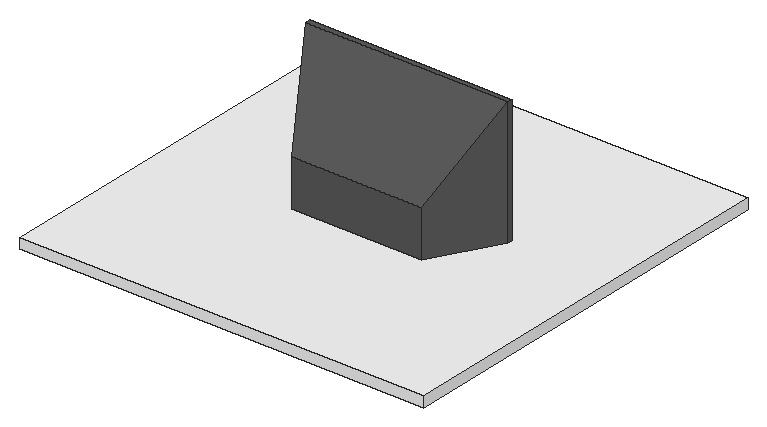
Revit family "BE_50181.5_de_DE", category Leuchten, Revit 2020
Family settings
  Basisbauteil = Fläche
  Bemaßung runder Anschluss = Durchmesser verwenden
  Teiletyp = Normal
  Beim Laden mit Abzugskörper schneiden = Ja
  Lichtquelle = Ja
  Gemeinsam genutzt = Nein
  Raumberechnungspunkt = Ja
Parameters (values of type "BEGA_50181.5_K27")
  built-in parameter 1150104 = 12.077 (stored number, unit not read)
  Wattage = 10.5 W
  Default Elevation = 0 mm
  built-in parameter 1150113 = 1 (stored number, unit not read)
  built-in parameter 1114218 = 1 (stored number, unit not read)
  Umgebungstemperatur = "25 °C"
  URL = "https://www.bega.com/de/produkt/50181.5"
  Typenkommentare = "© 2022 BEGA. Wir behalten uns das Recht vor, technische Änderungen ohne vorherige Ankündigung vorzunehmen."  # constant formula
  built-in parameter 1150134 = 12
  built-in parameter 1150109 = 1 (stored number, unit not read)
  Strom = ""
  built-in parameter 1150110 = 1 (stored number, unit not read)
  Spannung = 239.996 V
  Sonderanfertigung = no
  Sockeltyp = ""
  Sockelanzahl = ""
  Seriennummer [instance] = "Hier können Sie die eindeutige Seriennummer für das Facility Management eintragen."
  Schutzklasse = "I"
  Schutzart = "IP 20"
  Scheinlast = 0 VA
  Produktdatenblatt = "https://cdn.bega.com/bega/products/50181.5K3/current/documents/data-sheets/de"
  Oberflächentemperatur = ""
  Neigungswinkel = 0.00°
  Modell = "50181.5K27"
  Material_35 = BEGA_Oberfläche_Samtschwarz_matt
  Material_17 = BEGA_Reflektor
  Material_15 = BEGA_Leuchtmedium_matt
  Material_11 = BEGA_Glas_opal
  Material_09 = BEGA_Glas_klar
  Material_06 = BEGA_Oberfläche_Edelstahl_gebürstet
  Material_03 = BEGA_Oberfläche_Weiss_matt
  Material_02 = BEGA_Oberfläche_Silber_matt
  Material_01 [instance] = BEGA_Oberfläche_Grafit_matt
  M_W = no
  M_G = no
  M_A = no
  Logo = 0
  built-in parameter 1114217 = 1 (stored number, unit not read)
  built-in parameter 1150139 = (empty or 0)
  built-in parameter 1150105 = 108.62 (stored number, unit not read)
  built-in parameter 1150114 = 1 (stored number, unit not read)
  Lumens = 1365 lm
  built-in parameter 1150115 = 1 (stored number, unit not read)
  Leuchtenlichtstrom = "1043 lm"
  Leuchtenanzahl = ""
  Lebensdauerkriterien = "L70B50 @ 25 °C = 125000 h"
  Lastklassifizierung = Beleuchtung
  built-in parameter 1150112 = 1 (stored number, unit not read)
  Lampenlichtstrom = "1460 lm"
  Lampe = "LED 10.2 W"
  LED_Modulbezeichnung = "LED-0810/927"
  Hersteller = "BEGA"  # constant formula
  Halbstreuwinkel = ""
  Gewicht = "0.95 kg"
  Gebrauchslageneinschränkung [instance] = ""
  Frequenz = "0/50-60 Hz"
  Farbwiedergabeindex = "CRI > 90"
  Farbtemperaturverschiebung bei Dämpfen der Lampe = <Keine Auswahl>
  Farbtemperatur = "2700 K"
  Color Filter = 16777215
  built-in parameter 1150133 = 10 (stored number, unit not read)
  Energieeffizienzklasse = "LED A++ - A"
  built-in parameter 1150137 = (empty or 0)
  built-in parameter 1150132 = (empty or 0)
  ENEC = "ja"
  Dimmbar [instance] = "on/off"
  Datei für fotometrisches Netz = "BE_50181.5K27.IES"
  CE_Konformität = "ja"
  Bestellnummer = "50181.5K27"
  Beschreibung_Sonderanfertigung = "Hier können Sie Informationen zur Sonderanfertigung eintragen."
  Beschreibung = "Wandfluter"
  built-in parameter 1150106 = 1.0862 (stored number, unit not read)
  Befestigungsbohrung = "Ø 4,8 mm"
  Befestigungsabstand = "128 mm"
  Ballwurfsicher = ""
  BEGA_Intern_aus = yes
  BEGA_Intern_an = yes
  BEGA_Intern_Konstruktion = yes
  BEGA_Intern = yes
  BEGA_IES = yes
  BEGA_Dummy = no
  Anschlussleitung = ""
  Anschlussleistung [instance] = "12.5 W"
  Anschlusskasten = ""
  built-in parameter 1150107 = 4000 (stored number, unit not read)
  built-in parameter 1150102 = (empty or 0)
  built-in parameter 1150138 = (empty or 0)
  Aktualisierung = "2022-05-18T04:00:07"
  Abstand_zur_angestrahlten_Fläche [instance] = ""
  AC/DC = "AC/DC"
Types (3, lengths in mm): name | built-in parameter 1150104 | built-in parameter 1150134 | Modell | built-in parameter 1150105 | Lumens | Leuchtenlichtstrom | Lampenlichtstrom | LED_Modulbezeichnung | Farbtemperatur | Datei für fotometrisches Netz | Bestellnummer | built-in parameter 1150106 | built-in parameter 1150107
  BEGA_50181.5_K4 | 12.077 (stored number, unit not read) | 12 | "50181.5K4" | 108.62 (stored number, unit not read) | 1365 lm | "1121 lm" | "1570 lm" | "LED-0810/940" | "4000 K" | "BE_50181.5K4.IES" | "50181.5K4" | 1.0862 (stored number, unit not read) | 4000 (stored number, unit not read)
  BEGA_50181.5_K3 | 11.679 (stored number, unit not read) | (empty or 0) | "50181.5K3" | 105.04 (stored number, unit not read) | 1319.96 lm | "1079 lm" | "1510 lm" | "LED-0810/930" | "3000 K" | "BE_50181.5K3.IES" | "50181.5K3" | 1.0504 (stored number, unit not read) | 3000 (stored number, unit not read)
  BEGA_50181.5_K27 | 12.077 (stored number, unit not read) | 12 | "50181.5K27" | 108.62 (stored number, unit not read) | 1365 lm | "1043 lm" | "1460 lm" | "LED-0810/927" | "2700 K" | "BE_50181.5K27.IES" | "50181.5K27" | 1.0862 (stored number, unit not read) | 4000 (stored number, unit not read)
Reference planes
  plane 1 "Mitte (Vorne/Hinten)": y = 0
  plane 2: z = 0
  plane 3 "Mitte (Links/Rechts)": x = 0
  plane 4 "Links": x = -100.04
  plane 5 "Rechts": x = 100.04
  plane 6 "Unten": y = -33.5
  plane 7 "Oben": y = 33.5
  plane 8 "Vorne": z = 125.413
  plane 9 "Hinten": z = 0
Forms (mm)
  Extrusion 1, solid, material "BEGA_Platte_Weiss"
    sketch origin (0, -1119.2, 0) x (1, 0, 0) y (0, 1, 0)
      loop
        line (-200, 1319.2) -> (-200, 919.2) -> (200, 919.2) -> (200, 1319.2) -> (-200, 1319.2)
    from 0 to -10
  Extrusion 2, solid, material "BEGA_Dummy_matt", visible <- "BEGA_Dummy"
    sketch origin (80.095, -76.023, 0) x (1, 0, 0) y (0, 1, 0)
      loop
        line (-180.135, 109.523) -> (-180.135, 42.523) -> (19.944, 42.523) -> (19.944, 109.523) -> (-180.135, 109.523)
    from 0 to 125.413
Dimensions and locks
  plane 1 "Mitte (Vorne/Hinten)" to Extrusion 1 = 200 mm
  aligned and locked: plane 2 to Extrusion 1
  aligned and locked: level to Extrusion 1
Nested families
  nested 1: "BE_50181.5" at (0, 0, 0), type "BE_50181.5"
Connectors
  electrical at (0, 0, 0), driven by "Lastklassifizierung", driven by "Spannung", driven by "Scheinlast"
    settings: index 1, voltage 239.996 V, apparent load 0 VA, apparent load phase1 0 VA, apparent load phase2 0 VA, apparent load phase3 0 VA, power factor 1, load classification "Beleuchtung", number of poles 1, system type 31, power factor state 1, is connector primary yes, connector utility no, sub classification motor no, connector description ""
Definition of nested family "BE_50181.5"
  Parameters (values of type "BE_50181.5")
    Default Elevation = 1 mm
    URL = "http://www.bega.de/de/produkt"
    Type Comments = "© 2015 BEGA. Wir behalten uns das Recht vor, technische Änderungen ohne vorherige Ankündigung vorzunehmen. "  # constant formula
    Type Image = (empty or 0)
    Neigungswinkel_um_Z2 = 0.00°
    Neigungswinkel_um_Z1 = 0.00°
    Neigungswinkel_um_Y2 = 0.00°
    Neigungswinkel_um_Y1 = 0.00°
    Neigungswinkel_um_X2 = 0.00°
    Neigungswinkel_um_X1 = 0.00°
    Material_35 = none
    Material_17 = none
    Material_15 = none
    Material_11 = none
    Material_09 = none
    Material_06 = none
    Material_05 = none
    Material_03 = none
    Material_02 = none
    Material_01 = none
    M_W = yes
    M_G = yes
    M_A = yes
    Länge_Platte = 400 mm  # constant formula
    Höhe_Platte = -10 mm  # constant formula
    Manufacturer = "BEGA"  # constant formula
    Drehwinkel_um_Z2 = 0.00°
    Drehwinkel_um_Z1 = 0.00°
    Breite_Platte = 200 mm  # constant formula
  Reference planes
    plane 1 "Mitte (Oben/Unten)": y = 0
    plane 2: z = 0
    plane 3 "Mitte (Links/Rechts)": x = 0
    plane 4: y = 33.5
    plane 5: z = 125.413
    plane 6: y = -33.5
    plane 7: x = -100.04
    plane 8: x = 100.04
  Forms (mm)
    Extrusion 1, solid, detail levels medium
      sketch origin (0, 0, 0) x (1, 0, 0) y (0, 1, 0)
        loop
          line (-200, 100) -> (-200, -100) -> (200, -100) -> (200, 100) -> (-200, 100)
      from 0 to -10 <- "Höhe_Platte"
    Extrusion 2, solid, material <- "Material_35", detail levels medium+fine
      sketch origin (0, 0, 0) x (0, 1, 0) y (0, 0, 1)
        loop
          line (-33.5, 0.5) -> (33.5, 0.5) -> (33.5, 125.413) -> (28.569, 125.413) -> (-33.5, 46.5) -> (-33.5, 0.5)
      from -117.578 to 105.837
    Extrusion 3, void
      sketch origin (0, 0, 0) x (1, 0, 0) y (0, 1, 0)
        loop
          line (-117.578, 36.451) -> (-117.578, -41.243) -> (-59.734, -41.243) -> (-100.04, 28.569) -> (-100.04, 36.451) -> (-117.578, 36.451)
        loop
          line (117.578, 36.451) -> (100.04, 36.451) -> (100.04, 28.569) -> (59.734, -41.243) -> (117.578, -41.243) -> (117.578, 36.451)
      from 0 to 133.895
    Blend 4, void
      base sketch origin (0, -35.827, 0.5) x (0, -1, 0) y (1, 0, 0)
        loop
          line (-5.439, -61.849) -> (-5.439, 61.849) -> (-64.915, 95.687) -> (-64.915, -95.687) -> (-5.439, -61.849)
      top sketch origin (0, 35.5, 152.913) x (0, -1, 0) y (1, 0, 0)
        loop
          line (11.304, -94.861) -> (11.304, 94.861) -> (6.412, 94.861) -> (6.412, -94.861) -> (11.304, -94.861)
      from 0 to -34.503
    Extrusion 5, solid, material <- "Material_35", detail levels medium+fine
      sketch origin (0, 0, 0) x (1, 0, 0) y (0, 1, 0)
        loop
          line (-60.879, -30.642) -> (60.879, -30.642) -> (94.379, 28.242) -> (-94.379, 28.242) -> (-60.879, -30.642)
      from 2.139 to 3.5
    Extrusion 6, void
      sketch origin (0, 0, 0) x (0, 1, 0) y (0, 0, 1)
        loop
          line (27.344, 122.579) -> (27.344, 34.371) -> (34.8, 34.371) -> (34.8, 122.579) -> (27.344, 122.579)
      from -97.734 to 97.799
    Extrusion 7, solid, material <- "Material_17", detail levels medium+fine
      sketch origin (0, 0, 0) x (0, 1, 0) y (0, 0, 1)
        loop
          line (28.435, 118.41) -> (27.582, 118.41) -> (27.582, 105.469) -> (15.508, 53.194) -> (28.447, 48.484) -> (28.447, 34.484) -> (29.3, 34.484) -> (29.3, 48.706) -> (16.095, 53.512) -> (28.435, 106.962) -> (28.435, 118.41)
      from -94.527 to 94.735
    Extrusion 8, solid, material <- "Material_17", detail levels medium+fine
      sketch origin (0, 0, 0) x (1, 0, 0) y (0, 1, 0)
        loop
          line (-94.698, 27.368) -> (-94.833, 26.517) -> (-14.411, 13.764) -> (-14.246, 14.61) -> (-94.698, 27.368)
        loop
          line (94.522, 27.34) -> (14.246, 14.61) -> (14.411, 13.764) -> (94.657, 26.489) -> (94.522, 27.34)
      from 45.695 to 105.248
    Extrusion 9, void
      sketch origin (0, 0, 0) x (0, 1, 0) y (0, 0, 1)
        loop
          line (11.589, 101.945) -> (11.589, 89.945) -> (13.28, 89.945) -> (13.28, 101.945) -> (11.589, 101.945)
      from -28.58 to 28.473
    Extrusion 10, solid, material <- "Material_15", detail levels medium+fine
      sketch origin (0, 0, 0) x (1, 0, 0) y (0, 0, 1)
        loop
          line (23.664, 75.066) -> (23.664, 82.171) -> (-23.616, 82.171) -> (-23.616, 75.066) -> (23.664, 75.066)
      from -15.02 to -14.19
    Extrusion 11, solid, material <- "Material_09", detail levels medium+fine
      sketch origin (0, 0, 0) x (0, 1, 0) y (0, 0, 1)
        loop
          line (29.3, 34.371) -> (33.3, 34.371) -> (33.3, 122.579) -> (29.3, 122.579) -> (29.3, 34.371)
      from -97.734 to 97.799
    Extrusion 12, void
      sketch origin (0, 0, 0) x (1, 0, 0) y (0, 1, 0)
        loop
          circle (-40, -5.543) r 8.5
        loop
          arc (-66.109, 3.657) -> (-68.509, 1.255) -> (-66.104, -1.143) r 2.4
          line (-66.104, -1.143) -> (-60.905, -1.143)
          arc (-60.905, -1.143) -> (-58.5, 1.255) -> (-60.9, 3.657) r 2.4
          line (-60.9, 3.657) -> (-66.05, 3.657)
        loop
          arc (65.9, 3.857) -> (63.5, 6.257) -> (61.1, 3.857) r 2.4
          line (61.1, 3.857) -> (61.1, -1.343)
          arc (61.1, -1.343) -> (63.5, -3.743) -> (65.9, -1.343) r 2.4
          line (65.9, -1.343) -> (65.9, 3.857)
      from 0 to 4.75
    Extrusion 13, void
      sketch origin (0, 0, 0) x (1, 0, 0) y (0, 1, 0)
        loop
          line (-60.318, -36.5) -> (-101.58, 34.967) -> (-106.506, 34.967) -> (-106.506, -36.5) -> (-60.318, -36.5)
      from 0 to 127.618
    Extrusion 14, void
      sketch origin (0, 0, 0) x (-1, 0, 0) y (0, -1, 0)
        loop
          line (-60.318, 36.5) -> (-106.506, 36.5) -> (-106.506, -34.967) -> (-101.58, -34.967) -> (-60.318, 36.5)
      from 0 to 127.618
    Revolve 15, solid, material <- "Material_35", detail levels medium+fine
      sketch origin (-76.855, 0, 0) x (0, 1, 0) y (0, 0, 1)
        loop
          line (19.157, 2.517) -> (19.157, 0) -> (23.449, 0)
          arc (23.449, 0) -> (24.618, 0.201) -> (25.652, 0.78) r 3.5
          line (25.652, 0.78) -> (27.795, 2.517) -> (19.157, 2.517)
        axis (19.157, 0) -> (19.157, 2.517)
      angle from 0 to 360
    Revolve 16, solid, material <- "Material_35", detail levels medium+fine
      sketch origin (76.855, 0, 0) x (0, 1, 0) y (0, 0, -1)
        loop
          line (19.157, -2.517) -> (27.795, -2.517) -> (25.652, -0.78)
          arc (25.652, -0.78) -> (24.618, -0.201) -> (23.449, 0) r 3.5
          line (23.449, 0) -> (19.157, 0) -> (19.157, -2.517)
        axis (19.157, 0) -> (19.157, -2.517)
      angle from 0 to 360
    Revolve 17, solid, material <- "Material_35", detail levels medium+fine
      sketch origin (-55.448, -37.078, 0) x (0, 1, 0) y (0, 0, 1)
        loop
          line (19.157, 2.517) -> (19.157, 0) -> (23.449, 0)
          arc (23.449, 0) -> (24.618, 0.201) -> (25.652, 0.78) r 3.5
          line (25.652, 0.78) -> (27.795, 2.517) -> (19.157, 2.517)
        axis (19.157, 0) -> (19.157, 2.517)
      angle from 0 to 360
    Revolve 18, solid, material <- "Material_35", detail levels medium+fine
      sketch origin (55.448, -37.078, 0) x (0, 1, 0) y (0, 0, -1)
        loop
          line (19.157, -2.517) -> (27.795, -2.517) -> (25.652, -0.78)
          arc (25.652, -0.78) -> (24.618, -0.201) -> (23.449, 0) r 3.5
          line (23.449, 0) -> (19.157, 0) -> (19.157, -2.517)
        axis (19.157, 0) -> (19.157, -2.517)
      angle from 0 to 360
    Extrusion 19, void
      sketch origin (0, 0, 0) x (0, 1, 0) y (0, 0, 1)
        loop
          line (26.696, 49.795) -> (17.496, 53.144) -> (17.145, 52.179) -> (26.345, 48.83) -> (26.696, 49.795)
      from -23.616 to 23.664
    Extrusion 20, solid, material <- "Material_15", detail levels medium+fine
      sketch origin (0, 0, 0) x (0, 1, 0) y (0, 0, 1)
        loop
          line (17.697, 51.909) -> (17.369, 51.007) -> (25.248, 48.139) -> (25.576, 49.041) -> (17.697, 51.909)
      from -23.301 to 23.305
  Cuts and joins
    Extrusion 3, Blend 4, Extrusion 6, Extrusion 9 cuts Extrusion 2
    Extrusion 12 cuts Extrusion 5
    joined: Extrusion 5, Revolve 15, Revolve 16, Revolve 17, Revolve 18
    Extrusion 9, Extrusion 12, Extrusion 13, Extrusion 14, Extrusion 19 cuts Extrusion 7
    joined: Extrusion 7, Extrusion 8
  Dimensions and locks
    equal spacing: Extrusion 1 sketch curve, plane 3 "Mitte (Links/Rechts)", Extrusion 1 sketch curve
    equal spacing: Extrusion 1 sketch curve, plane 1 "Mitte (Oben/Unten)", Extrusion 1 sketch curve
    "Länge_Platte": Extrusion 1 sketch curve to Extrusion 1 sketch curve
    "Breite_Platte": Extrusion 1 sketch curve to Extrusion 1 sketch curve
    aligned and locked: plane 2 to Extrusion 1
    aligned and locked: level to Extrusion 1
  Automatic sketch dimensions
    level to Extrusion 2 sketch curve = 0.5 mm
    plane 1 "Mitte (Oben/Unten)" to Extrusion 2 sketch curve = 33.5 mm
    Extrusion 2 sketch curve to plane 1 "Mitte (Oben/Unten)" = 28.569 mm
    Extrusion 2 sketch curve to Extrusion 2 sketch curve = 4.931 mm
    Extrusion 2 sketch curve to Extrusion 2 sketch curve = 46 mm
    Extrusion 2 to Blend 4 sketch curve = 4.412 mm
    Extrusion 2 to Blend 4 sketch curve = 3.112 mm
    Blend 4 sketch curve to Extrusion 2 = 21.891 mm
    Blend 4 sketch curve to Extrusion 2 = 55.729 mm
    Blend 4 sketch curve to Extrusion 2 = 43.988 mm
    Blend 4 sketch curve to Extrusion 2 = 10.15 mm
    Extrusion 5 sketch curve to plane 1 "Mitte (Oben/Unten)" = 28.242 mm
    Extrusion 5 sketch curve to plane 3 "Mitte (Links/Rechts)" = 94.379 mm
    Extrusion 5 sketch curve to plane 3 "Mitte (Links/Rechts)" = 60.879 mm
    plane 3 "Mitte (Links/Rechts)" to Extrusion 5 sketch curve = 60.879 mm
    Extrusion 5 sketch curve to Extrusion 5 sketch curve = 33.501 mm
    plane 1 "Mitte (Oben/Unten)" to Extrusion 5 sketch curve = 30.642 mm
    Extrusion 6 sketch curve to plane 1 "Mitte (Oben/Unten)" = 27.344 mm
    Extrusion 6 sketch curve to Extrusion 6 sketch curve = 7.456 mm
    level to Extrusion 6 sketch curve = 34.371 mm
    Extrusion 7 sketch curve to plane 1 "Mitte (Oben/Unten)" = 28.447 mm
    level to Extrusion 7 sketch curve = 34.484 mm
    Extrusion 7 sketch curve to Extrusion 7 sketch curve = 1.493 mm
    Extrusion 7 sketch curve to Extrusion 7 sketch curve = 12.941 mm
    Extrusion 9 sketch curve to plane 1 "Mitte (Oben/Unten)" = 11.589 mm
    Extrusion 9 sketch curve to Extrusion 9 sketch curve = 1.691 mm
    Extrusion 9 sketch curve to Extrusion 9 sketch curve = 12 mm
    Extrusion 10 sketch curve to plane 3 "Mitte (Links/Rechts)" = 23.616 mm
    plane 3 "Mitte (Links/Rechts)" to Extrusion 10 sketch curve = 23.664 mm
    level to Extrusion 10 sketch curve = 75.066 mm
    Extrusion 10 sketch curve to Extrusion 10 sketch curve = 7.105 mm
    Extrusion 11 sketch curve to plane 1 "Mitte (Oben/Unten)" = 29.3 mm
    Extrusion 11 sketch curve to Extrusion 11 sketch curve = 4 mm
    level to Extrusion 11 sketch curve = 34.371 mm
    Extrusion 12 sketch curve to plane 1 "Mitte (Oben/Unten)" = 1.257 mm  (x2)
    Extrusion 12 sketch curve to plane 3 "Mitte (Links/Rechts)" = 66.109 mm
    plane 1 "Mitte (Oben/Unten)" to Extrusion 12 sketch curve = 1.143 mm
    Extrusion 12 sketch curve to Extrusion 12 sketch curve = 0.005 mm  (x2)
    Extrusion 12 sketch curve to Extrusion 12 sketch curve = 5.199 mm
    plane 1 "Mitte (Oben/Unten)" to Extrusion 12 sketch curve = 5.543 mm
    Extrusion 12 sketch curve to Extrusion 12 sketch curve = 20.905 mm
    Extrusion 12 sketch curve to plane 1 "Mitte (Oben/Unten)" = 3.857 mm
    plane 3 "Mitte (Links/Rechts)" to Extrusion 12 sketch curve = 63.5 mm
    plane 1 "Mitte (Oben/Unten)" to Extrusion 12 sketch curve = 1.343 mm  (x2)
    Extrusion 12 sketch curve to Extrusion 12 sketch curve = 0 mm  (x13)
    Extrusion 12 sketch curve to Extrusion 12 sketch curve = 0.059 mm
    Extrusion 12 sketch curve to Extrusion 12 sketch curve = 2.4 mm
    plane 1 "Mitte (Oben/Unten)" to Extrusion 13 sketch curve = 36.5 mm
    Extrusion 13 sketch curve to plane 3 "Mitte (Links/Rechts)" = 106.506 mm
    Extrusion 13 sketch curve to plane 1 "Mitte (Oben/Unten)" = 34.967 mm
    Extrusion 13 sketch curve to Extrusion 13 sketch curve = 4.926 mm
    Extrusion 13 sketch curve to Extrusion 13 sketch curve = 46.188 mm
    Extrusion 14 sketch curve to plane 1 "Mitte (Oben/Unten)" = 36.5 mm
    Extrusion 14 sketch curve to plane 3 "Mitte (Links/Rechts)" = 106.506 mm
    plane 1 "Mitte (Oben/Unten)" to Extrusion 14 sketch curve = 34.967 mm
    Extrusion 14 sketch curve to Extrusion 14 sketch curve = 4.926 mm
    Extrusion 14 sketch curve to Extrusion 14 sketch curve = 46.188 mm
    Revolve 15 sketch curve to level = 0 mm  (x2)
    level to Revolve 15 sketch curve = 2.517 mm
    Revolve 15 sketch curve to plane 1 "Mitte (Oben/Unten)" = 19.157 mm
    Revolve 15 sketch curve to Revolve 15 sketch curve = 4.292 mm
    Revolve 15 sketch curve to Revolve 15 sketch curve = 4.346 mm
    Revolve 15 sketch curve to Revolve 15 sketch curve = 3.5 mm
    Revolve 15 sketch curve to Revolve 15 sketch curve = 0 mm  (x2)
    level to Revolve 15 sketch curve = 0.78 mm
    Revolve 15 sketch curve to Revolve 15 sketch curve = 2.203 mm
    Revolve 15 sketch curve to Revolve 15 sketch curve = 1.483 mm
    Revolve 16 sketch curve to level = 0 mm  (x2)
    level to Revolve 16 sketch curve = 2.517 mm
    Revolve 16 sketch curve to plane 1 "Mitte (Oben/Unten)" = 19.157 mm
    Revolve 16 sketch curve to Revolve 16 sketch curve = 4.292 mm
    Revolve 16 sketch curve to Revolve 16 sketch curve = 4.346 mm
    Revolve 16 sketch curve to Revolve 16 sketch curve = 3.5 mm
    Revolve 16 sketch curve to Revolve 16 sketch curve = 0 mm  (x2)
    level to Revolve 16 sketch curve = 0.78 mm
    Revolve 16 sketch curve to Revolve 16 sketch curve = 2.203 mm
    Revolve 16 sketch curve to Revolve 16 sketch curve = 1.483 mm
    Revolve 17 sketch curve to level = 0 mm  (x2)
    level to Revolve 17 sketch curve = 2.517 mm
    plane 1 "Mitte (Oben/Unten)" to Revolve 17 sketch curve = 17.92 mm
    Revolve 17 sketch curve to Revolve 17 sketch curve = 4.292 mm
    Revolve 17 sketch curve to Revolve 17 sketch curve = 4.346 mm
    Revolve 17 sketch curve to Revolve 17 sketch curve = 3.5 mm
    Revolve 17 sketch curve to Revolve 17 sketch curve = 0 mm  (x2)
    level to Revolve 17 sketch curve = 0.78 mm
    Revolve 17 sketch curve to Revolve 17 sketch curve = 2.203 mm
    Revolve 17 sketch curve to Revolve 17 sketch curve = 1.483 mm
    Revolve 18 sketch curve to level = 0 mm  (x2)
    level to Revolve 18 sketch curve = 2.517 mm
    plane 1 "Mitte (Oben/Unten)" to Revolve 18 sketch curve = 17.92 mm
    Revolve 18 sketch curve to Revolve 18 sketch curve = 4.292 mm
    Revolve 18 sketch curve to Revolve 18 sketch curve = 4.346 mm
    Revolve 18 sketch curve to Revolve 18 sketch curve = 3.5 mm
    Revolve 18 sketch curve to Revolve 18 sketch curve = 0 mm  (x2)
    level to Revolve 18 sketch curve = 0.78 mm
    Revolve 18 sketch curve to Revolve 18 sketch curve = 2.203 mm
    Revolve 18 sketch curve to Revolve 18 sketch curve = 1.483 mm
    Extrusion 2 sketch curve to Extrusion 2 sketch curve = 78.913 mm
    Extrusion 6 sketch curve to Extrusion 6 sketch curve = 88.207 mm
    level to Extrusion 9 sketch curve = 89.945 mm
    Extrusion 11 sketch curve to Extrusion 11 sketch curve = 88.207 mm
    Extrusion 3 sketch curve to plane 6 = 7.743 mm  (x2)
    plane 4 to Extrusion 3 sketch curve = 4.931 mm
    Extrusion 3 sketch curve to plane 4 = 2.951 mm  (x2)
    Extrusion 3 sketch curve to Extrusion 3 sketch curve = 7.883 mm
    Extrusion 3 sketch curve to plane 3 "Mitte (Links/Rechts)" = 59.734 mm
    Extrusion 3 sketch curve to Extrusion 3 sketch curve = 40.306 mm  (x2)
    Extrusion 3 sketch curve to Extrusion 3 sketch curve = 17.538 mm
    plane 3 "Mitte (Links/Rechts)" to Extrusion 3 sketch curve = 59.734 mm
    Extrusion 3 sketch curve to Extrusion 3 sketch curve = 57.844 mm
    plane 4 to Blend 4 sketch curve = 4.412 mm
    Blend 4 sketch curve to Blend 4 sketch curve = 4.892 mm
    plane 7 to Blend 4 sketch curve = 5.179 mm
    Blend 4 sketch curve to plane 8 = 5.179 mm
    Extrusion 7 sketch curve to Extrusion 7 sketch curve = 0.853 mm  (x2)
    Extrusion 7 sketch curve to Extrusion 7 sketch curve = 12.939 mm
    Extrusion 7 sketch curve to Extrusion 7 sketch curve = 0.587 mm
    Extrusion 7 sketch curve to Extrusion 7 sketch curve = 5.028 mm
    Extrusion 7 sketch curve to Extrusion 7 sketch curve = 0.319 mm
    plane 4 to Extrusion 7 sketch curve = 5.918 mm
    Extrusion 7 sketch curve to plane 5 = 19.944 mm
    Extrusion 7 sketch curve to Extrusion 7 sketch curve = 14 mm
    Extrusion 7 sketch curve to Extrusion 7 sketch curve = 0.222 mm
    plane 4 to Extrusion 19 sketch curve = 7.155 mm
    level to Extrusion 19 sketch curve = 48.83 mm
    Extrusion 19 sketch curve to Extrusion 19 sketch curve = 8.849 mm
    Extrusion 19 sketch curve to Extrusion 19 sketch curve = 0.351 mm  (x2)
    Extrusion 19 sketch curve to Extrusion 19 sketch curve = 0.965 mm
    plane 7 to Extrusion 8 sketch curve = 5.207 mm
    plane 4 to Extrusion 8 sketch curve = 6.132 mm
    Extrusion 8 sketch curve to Extrusion 8 sketch curve = 0.135 mm  (x2)
    Extrusion 8 sketch curve to plane 3 "Mitte (Links/Rechts)" = 14.411 mm
    Extrusion 8 sketch curve to Extrusion 8 sketch curve = 0.165 mm  (x2)
    plane 3 "Mitte (Links/Rechts)" to Extrusion 8 sketch curve = 14.246 mm
    Extrusion 8 sketch curve to plane 8 = 5.517 mm
    plane 4 to Extrusion 8 sketch curve = 6.16 mm
    Extrusion 8 sketch curve to Extrusion 8 sketch curve = 0.851 mm  (x2)
    plane 4 to Extrusion 20 sketch curve = 8.252 mm
    level to Extrusion 20 sketch curve = 48.139 mm
    Extrusion 20 sketch curve to Extrusion 20 sketch curve = 0.328 mm
    Extrusion 20 sketch curve to Extrusion 20 sketch curve = 1.967 mm
    Extrusion 20 sketch curve to Extrusion 20 sketch curve = 7.879 mm
    radius of Extrusion 12 sketch curve = 8.5 mm
